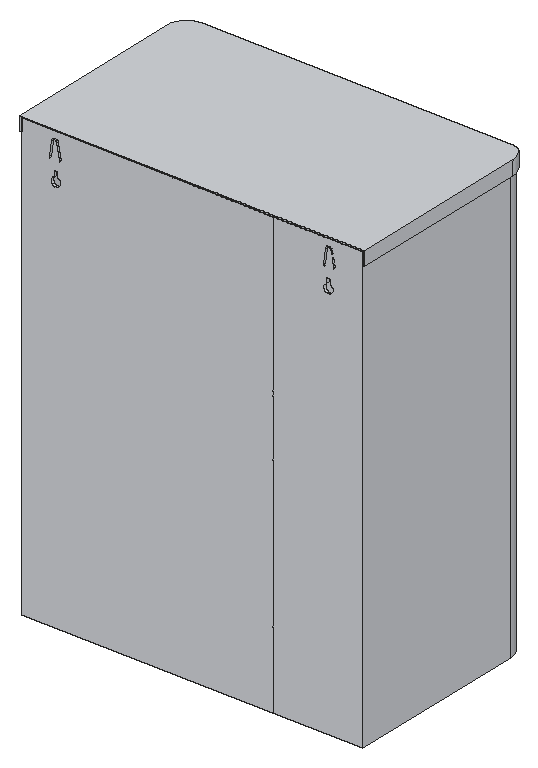
Revit family "AX8928-C_0006", category Appareils sanitaires, Revit 2016
Family settings
  Hôte = Mur
  Type d'élément = Normal
  Cote de connecteur circulaire = Utiliser le diamètre
  Numéro OmniClass = 23.75.00.00
  Titre OmniClass = Climate Control (HVAC)
  Toujours verticalement = Oui
  Couper avec des vides une fois chargée = Non
  Partagée = Non
  Point de calcul de pièce = Non
Parameters (values of type "Type 1")
  URL = "https://www.axeuro.com/fr/a-poser-en-applique/25356-poubelle-murale-ax8928-c.html"
  Modèle = "AX8928-C"  # constant formula
  Matériaux = "En inox 304 (18/10) Bactériostatique"  # constant formula
  Finition = "Brossé Poli Satiné HyperPolish"  # constant formula
  Fabricant = "Axeuro"  # constant formula
  Description = "Poubelle murale"  # constant formula
Reference planes
  plane 1 "Mur": y = 0
  plane 2 "Centre (gauche/droite)": x = 0
  plane 3 "Arrière": y = 75
Forms (mm)
  Extrusion 1, solid
    sketch origin (-88.674, -95, 0) x (1, 0, 0) y (0, 1, 0)
      loop
        line (-105.326, 170) -> (179.5, 170) -> (282.674, 170) -> (282.674, 379.853)
        arc (282.674, 379.853) -> (276.773, 394.099) -> (262.527, 400) r 20.147
        line (262.527, 400) -> (182.674, 400) -> (-85.179, 400)
        arc (-85.179, 400) -> (-99.425, 394.099) -> (-105.326, 379.853) r 20.147
        line (-105.326, 379.853) -> (-105.326, 170)
      loop
        line (182.674, 397.6) -> (-85.179, 397.6)
        arc (-85.179, 397.6) -> (-97.728, 392.402) -> (-102.926, 379.853) r 17.747
        line (-102.926, 379.853) -> (-102.926, 172.4) -> (179.5, 172.4) -> (280.274, 172.4) -> (280.274, 379.853)
        arc (280.274, 379.853) -> (275.076, 392.402) -> (262.527, 397.6) r 17.747
        line (262.527, 397.6) -> (182.674, 397.6)
    from 284.171 to 790
  Extrusion 2, void
    sketch origin (-54.703, 0, 10.01) x (1, 0, 0) y (0, 0, 1)
      loop
        arc (-102.277, 733.673) -> (-100.255, 723.071) -> (-98.316, 733.688) r 5.49
        line (-98.316, 733.688) -> (-98.316, 738.673)
        arc (-98.316, 738.673) -> (-100.297, 740.013) -> (-102.277, 738.673) r 2.134
        line (-102.277, 738.673) -> (-102.277, 733.673)
    from -75 to -77.6
  Extrusion 3, void
    sketch origin (-51.901, 0, 0) x (1, 0, 0) y (0, 0, 1)
      loop
        arc (-110.599, 762.273) -> (-109.999, 761.023) -> (-108.761, 761.649) r 0.971
        line (-108.761, 761.649) -> (-105.929, 779.052)
        arc (-105.929, 779.052) -> (-104.014, 780.967) -> (-102.099, 779.052) r 1.915
        line (-102.099, 779.052) -> (-99.267, 761.649)
        arc (-99.267, 761.649) -> (-98.029, 761.023) -> (-97.429, 762.273) r 0.971
        line (-97.429, 762.273) -> (-100.012, 779.039)
        arc (-100.012, 779.039) -> (-103.942, 782.968) -> (-107.871, 779.039) r 3.93
        line (-107.871, 779.039) -> (-110.599, 762.273)
    from -77.4 to -75
  Extrusion 4, solid
    sketch origin (54.5, 0, 84.171) x (1, 0, 0) y (0, 1, 0)
      loop
        line (-248.5, 284.853) -> (-248.5, 75) -> (36.326, 75) -> (139.5, 75) -> (139.5, 284.853)
        arc (139.5, 284.853) -> (133.599, 299.099) -> (119.353, 305) r 20.147
        line (119.353, 305) -> (39.5, 305) -> (-228.353, 305)
        arc (-228.353, 305) -> (-242.599, 299.099) -> (-248.5, 284.853) r 20.147
    from 200 to 202.4
  Extrusion 5, void
    sketch origin (54.703, 0, 10.01) x (-1, 0, 0) y (0, 0, -1)
      loop
        line (-102.277, -733.673) -> (-102.277, -738.673)
        arc (-102.277, -738.673) -> (-100.297, -740.013) -> (-98.316, -738.673) r 2.134
        line (-98.316, -738.673) -> (-98.316, -733.688)
        arc (-98.316, -733.688) -> (-100.255, -723.071) -> (-102.277, -733.673) r 5.49
    from -75 to -77.6
  Extrusion 6, void
    sketch origin (51.901, 0, 0) x (-1, 0, 0) y (0, 0, -1)
      loop
        line (-110.599, -762.273) -> (-107.871, -779.039)
        arc (-107.871, -779.039) -> (-103.942, -782.968) -> (-100.012, -779.039) r 3.93
        line (-100.012, -779.039) -> (-97.429, -762.273)
        arc (-97.429, -762.273) -> (-98.029, -761.023) -> (-99.267, -761.649) r 0.971
        line (-99.267, -761.649) -> (-102.099, -779.052)
        arc (-102.099, -779.052) -> (-104.014, -780.967) -> (-105.929, -779.052) r 1.915
        line (-105.929, -779.052) -> (-108.761, -761.649)
        arc (-108.761, -761.649) -> (-109.999, -761.023) -> (-110.599, -762.273) r 0.971
    from -77.4 to -75
  Extrusion 7, solid
    sketch origin (54, 0, -33.623) x (1, 0, 0) y (0, 1, 0)
      loop
        line (-250, 75) -> (-76, 75) -> (142, 75) -> (142, 285)
        arc (142, 285) -> (136.044, 300.509) -> (120.75, 307) r 21.263
        line (120.75, 307) -> (-76, 307) -> (-228.75, 307)
        arc (-228.75, 307) -> (-244.044, 300.509) -> (-250, 285) r 21.263
        line (-250, 285) -> (-250, 75)
    from 809.623 to 825.623
  Extrusion 8, void
    sketch origin (54, 0, 0) x (1, 0, 0) y (0, 0, 1)
      loop
        line (-248, 776) -> (140, 776) -> (140, 790) -> (-248, 790) -> (-248, 776)
    from -77.4 to -75
Cuts and joins
  Extrusion 2, Extrusion 3, Extrusion 5, Extrusion 6 cuts Extrusion 1
  Extrusion 5, Extrusion 6 cuts Extrusion 4
  joined: Extrusion 1, Extrusion 4
  Extrusion 8 cuts Extrusion 7
Text (mm)
  text "Côté de la mise en place" at (-1820.995, 1116.779, 0), in view "Niveau de réf."
  text "Côté de la mise en place" at (0, 1334.055, 2976.191), in view "Gauche"
  text "Côté de la mise en place" at (0, 439.194, 2944.362), in view "Droite"
Dimensions and locks
  locked: plane 3 "Arrière" to host wall
  cut or joined group of Extrusion 7, Extrusion 8 to cut or joined group of Extrusion 7, Extrusion 8 = 232 mm
  aligned and locked: plane 1 "Mur" to host wall
